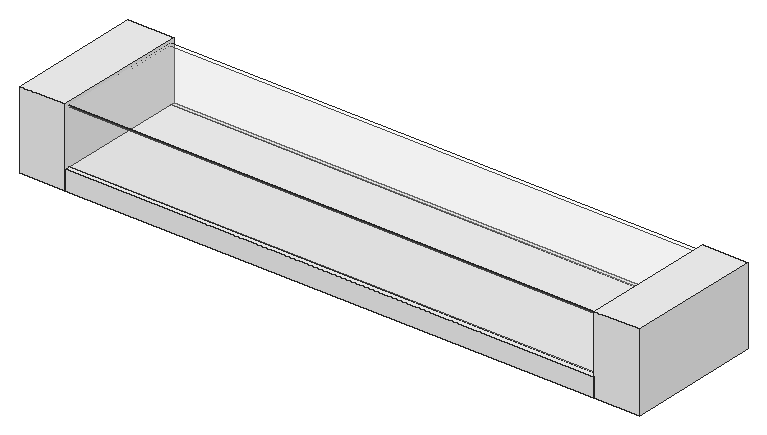
Revit family "CWM-Semi_Recessed", category Lighting Fixtures, host Face, Revit 2021
Family settings
  Host = Face
  Round Connector Dimension = Use Diameter
  Part Type = Normal
  OmniClass Number = 23.80.70.11
  OmniClass Title = Luminaries for Internal Lighting
  Cut with Voids When Loaded = No
  Light Source = Yes
  Shared = No
  Room Calculation Point = No
Parameters (values of type "CWM 2'")
  Wattage = 38 W
  built-in parameter 1150110 = 1 (stored number, unit not read)
  Voltage = 120 V
  Wattage Comments = "17-38 W"
  URL = "https://www.currentlighting.com/columbialighting"
  built-in parameter 1114217 = 1 (stored number, unit not read)
  Tilt Angle = -90.00°
  built-in parameter 1150109 = 1 (stored number, unit not read)
  built-in parameter 1150134 = (empty or 0)
  built-in parameter 1150113 = 1 (stored number, unit not read)
  Product Page URL = ""
  Product Documentation Link = ""
  Photometric Notes = "Photometric Web download in link"  # constant formula
  Photometric Web File = "CWM2-30LWxx-FRyy-EDU.ies"
  Nominal Watts = 38 W
  Model = "CWM"  # constant formula
  Manufacturer = "Columbia Lighting"  # constant formula
  Row Length = 24.000"
  built-in parameter 1150105 = 4811.1 (stored number, unit not read)
  Lumens = 60458 lm
  built-in parameter 1150115 = 1 (stored number, unit not read)
  Lumen Output = "Medium Lumen"
  Load Classification = Lighting
  built-in parameter 1150137 = (empty or 0)
  built-in parameter 1150139 = (empty or 0)
  built-in parameter 1150112 = 1 (stored number, unit not read)
  built-in parameter 1150114 = 1 (stored number, unit not read)
  Lamp = "LED Lamp"
  built-in parameter 1150132 = (empty or 0)
  built-in parameter 1150102 = (empty or 0)
  built-in parameter 1150107 = 3000 (stored number, unit not read)
  built-in parameter 1150138 = (empty or 0)
  built-in parameter 1150106 = 48.111 (stored number, unit not read)
  Glass = Glass
  Emit from Rectangle Width = 4.500"  # constant formula
  Emit from Rectangle Length = (Row Length - 3.500")  # 20.500"
  Emit Shape Visible in Rendering = no
  built-in parameter 1150104 = 147.81 (stored number, unit not read)
  Driver = "Fixed Output"
  Dimming Lamp Color Temperature Shift = <None>
  Description = "Contemporary LED Wall Mount"  # constant formula
  Default Elevation = 48.000"
  Color Filter = 16777215
  built-in parameter 1114218 = 1 (stored number, unit not read)
  Backbox = Paint-White
  built-in parameter 1150133 = 10 (stored number, unit not read)
  Apparent Load = 0 VA
Types (3): name | Photometric Web File | Row Length | Emit from Rectangle Length
  (no name) | "CWM2-30LWxx-FRyy-EDU.ies" | 24.000" | 20.500"
  CWM 4' | "CWM4-30MLxx-SByy-EDU.ies" | 48.000" | 44.500"
  CWM 2' | "CWM2-30LWxx-FRyy-EDU.ies" | 24.000" | 20.500"
Reference planes (in)
  plane 1 "Center (Front/Back)": y = 0.03999
  plane 2: z = 0
  plane 3 "Center (Left/Right)": x = 1.66944
  plane 4: x = -10.33056
  plane 5: x = 13.66944
Dimensions and locks (in)
  equal spacing: plane 5, plane 3 "Center (Left/Right)", plane 4
  "Row Length": plane 5 to plane 4
  aligned and locked: plane 2 to host face
  aligned and locked: level to host face
  aligned and locked: plane 3 "Center (Left/Right)" to imposter light
  aligned and locked: imposter light to plane 1 "Center (Front/Back)"
  aligned and locked: plane 3 "Center (Left/Right)" to nested 1
  aligned and locked: plane 1 "Center (Front/Back)" to nested 1
  aligned and locked: nested 1 to imposter light
Automatic sketch dimensions
  host sketch curve to host sketch curve = 96.000"  (x2)
Nested families (in)
  nested 1: "CWM Light" at (3.71711, 0, 0), Glass <- "Glass", Backbox <- "Backbox", Row Length <- "Row Length", type "CWM Light"
    with Row Length 24.000", Glass Glass, Backbox Paint-White
Connectors (in)
  electrical at (1.66944, 0.03999, 0), driven by "Load Classification", driven by "Voltage"
    settings: on nested 1, index 1, voltage 120 V, apparent load 0 VA, apparent load phase1 0 VA, apparent load phase2 0 VA, apparent load phase3 0 VA, power factor 1, load classification "Lighting", number of poles 1, system type 30, power factor state 1, is connector primary yes, connector utility no, sub classification motor no, connector description "Lighting Connector"
Definition of nested family "CWM Light"
  Parameters
    Wattage Comments = ""
    URL = ""
    Row Length [instance] = 24.000"
    Product Page URL = ""
    Product Documentation Link = ""
    Model = ""
    Manufacturer Phone = "(864)-678-1000"  # constant formula
    Manufacturer Fax = "(866)-898-1065"  # constant formula
    Manufacturer = ""
    Lamp = ""
    Glass [instance] = none
    Description = ""
    Default Elevation = 48.000"
    Backbox [instance] = none
  Reference planes (in)
    plane 1 "Center (Front/Back)": y = 0.03999
    plane 2: z = 0
    plane 3 "Center (Left/Right)": x = -2.04767
    plane 4: x = -14.04767
    plane 5: x = 9.95233
    plane 6: x = -12.29767
    plane 7: x = 8.20233
    plane 8: z = 3
    plane 9: z = 0.75
    plane 10: y = -2.39751
    plane 11: z = 3.75
    plane 12: y = 2.47749
    plane 13: y = 2.66499
    plane 14: y = -2.58501
    plane 15: x = -6.29767
    plane 16: x = 2.20233
  Forms (in)
    Extrusion 1, solid
      sketch origin (0, 0, 0.06357) x (1, 0, 0) y (0, 1, 0)
        loop
          line (-48, 48) -> (-48, -48) -> (48, -48) -> (48, 48) -> (-48, 48)
      from -0.06357 to -6.06357
    Extrusion 2, solid, material <- "Backbox"
      sketch origin (-2.04767, 0, 0) x (0, 1, 0) y (0, 0, 1)
        loop
          line (2.66499, 3) -> (-2.58501, 3) -> (-2.58501, 0) -> (2.66499, 0) -> (2.66499, 3)
      from 10.25 to 12
    Extrusion 3, solid, material <- "Backbox"
      sketch origin (-2.04767, 0, 0) x (0, 1, 0) y (0, 0, 1)
        loop
          line (2.66499, 3) -> (-2.58501, 3) -> (-2.58501, 0) -> (2.66499, 0) -> (2.66499, 3)
      from -10.25 to -12
    Extrusion 4, solid, material <- "Glass"
      sketch origin (-2.04767, 0, 0) x (0, 1, 0) y (0, 0, 1)
        loop
          line (2.47749, 0.75) -> (2.51565, 0.75) -> (2.51565, 2.9) -> (-2.44138, 2.9) -> (-2.44138, 0.75) -> (-2.39751, 0.75) -> (-2.39751, 2.81041) -> (2.47749, 2.81041) -> (2.47749, 0.75)
      from -10.25 to 10.25
    Extrusion 5, solid, material <- "Backbox"
      sketch origin (-2.04767, 0, 0) x (0, 1, 0) y (0, 0, 1)
        loop
          line (2.66499, 0.75) -> (-2.58501, 0.75) -> (-2.58501, 0) -> (2.66499, 0) -> (2.66499, 0.75)
      from -10.25 to 10.25
    Extrusion 6, solid, material <- "Backbox"
      sketch origin (-2.04767, 0, 0) x (0, 1, 0) y (0, 0, 1)
        loop
          line (1, 0) -> (-1, 0) -> (-1, -0.75) -> (1, -0.75) -> (1, 0)
      from 4.25 to -4.25
  Dimensions and locks (in)
    equal spacing: plane 5, plane 3 "Center (Left/Right)", plane 4
    locked: plane 6 to plane 4 at 1.75
    "Row Length": plane 5 to plane 4
    equal spacing: plane 7, plane 3 "Center (Left/Right)", plane 6
    plane 8 to level = 3.000"
    plane 13 to plane 12 to plane 1 "Center (Front/Back)" to plane 10 to plane 14 = 0.1875", 2.4375", 2.4375", 0.1875"
    plane 1 "Center (Front/Back)" to plane 14 = 2.625"
    locked: plane 15 to plane 6 at 6
    locked: plane 7 to plane 16 at 6
    aligned and locked: plane 2 to Extrusion 1
    aligned and locked: level to Extrusion 1
    aligned and locked: plane 5 to Extrusion 2
    aligned and locked: Extrusion 2 to plane 7
    aligned and locked: plane 9 to Extrusion 4 sketch curve  (x2)
    aligned and locked: plane 12 to Extrusion 4 sketch curve
    aligned and locked: Extrusion 4 sketch curve to plane 10
    aligned and locked: plane 7 to Extrusion 5
    aligned and locked: Extrusion 5 to plane 6
    aligned and locked: Extrusion 3 to plane 4
    aligned and locked: plane 6 to Extrusion 3
    aligned and locked: Extrusion 5 sketch curve to plane 13
    aligned and locked: Extrusion 5 sketch curve to level
    aligned and locked: plane 14 to Extrusion 5 sketch curve
    aligned and locked: Extrusion 3 sketch curve to Extrusion 5  (x3)
    aligned and locked: Extrusion 2 sketch curve to Extrusion 3  (x2)
    aligned and locked: Extrusion 3 to Extrusion 2 sketch curve
    aligned and locked: plane 9 to Extrusion 5
    aligned and locked: Extrusion 4 to plane 6
    aligned and locked: plane 7 to Extrusion 4
    aligned and locked: Extrusion 3 sketch curve to plane 8
    aligned and locked: plane 8 to Extrusion 2
    aligned and locked: level to Extrusion 6 sketch curve
    aligned and locked: plane 15 to Extrusion 6
    aligned and locked: plane 16 to Extrusion 6
  Automatic sketch dimensions
    Extrusion 1 sketch curve to Extrusion 1 sketch curve = 96.000"  (x2)
    level to Extrusion 5 sketch curve = 0.750"
    Extrusion 2 sketch curve to plane 8 = 0.000"
    plane 10 to Extrusion 4 sketch curve = 0.04387"
    Extrusion 4 sketch curve to plane 12 = 0.03816"
    Extrusion 4 sketch curve to plane 11 = 0.93959"
    Extrusion 4 sketch curve to Extrusion 4 sketch curve = 0.08959"
    Extrusion 6 sketch curve to plane 10 = 1.39751"
    plane 12 to Extrusion 6 sketch curve = 1.47749"
    Extrusion 6 sketch curve to level = 0.750"
